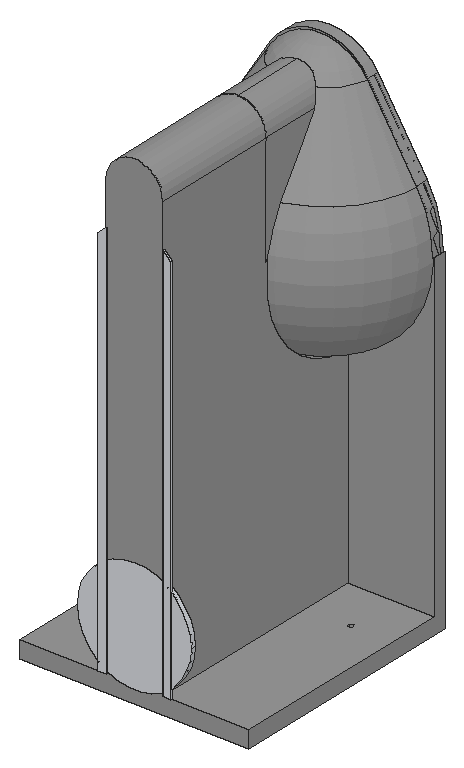
Revit family "Toilet-Willoughby-ASETF-1490-FM-FA-TS", category Plumbing Fixtures, Revit 2015
Parameters (values of type "Standard")
  Waste DIA = 2 3/8"
  Waste Connection = yes
  W-RAD [instance] = Waste DIA / 2  # 0' - 1 3/16"
  Vent Connection = no
  URL = "https://www.willoughby-ind.com/wp-content/uploads/2018/01/ASETF-1490-FM-FA.pdf"
  Type Comments = ""
  Revision = "A"
  Model = "ASETW-1490-FM-FA-10-TS"
  Manufacturer = "Willoughby Industries"
  HW Connection = no
  Flush inlet DIA = 1 1/2"
  Flush Inlet Connection = yes
  Fixture Body = Stainless Steel AISI 304-Willoughby
  F-RAD [instance] = Flush inlet DIA / 2  # 0' - 0 3/4"
  Description = "1490 Front Access, Ligature-Resistant, Floor Outlet and Mounted, Siphon Jet, 10\" Rough In"
  Default Elevation = 0' - 0"
  Contact Number = "(800) 428-4065"
  CW Connection = no
Reference planes (in)
  plane 1 "Base": y = -16.25
  plane 2: z = 0
  plane 3 "Center": x = 18.31072
  plane 4 "Waste height": y = -4.75
  plane 5 "Seat HGT": y = -1.25
  plane 6: y = -2.125
  plane 7: x = 16.56072
  plane 8: x = 20.06072
  plane 9: x = 13.81072
  plane 10: x = 22.81072
  plane 11: z = 2.70924
  plane 12: z = -3
  plane 13: z = 25
Forms (in)
  Extrusion 1, solid, material "Stainless Steel AISI 304-Willoughby" <- "Fixture Body"
    sketch origin (16.08109, 7.47968, -2.1422) x (-1, 0, 0) y (0, 0, -1)
      loop
        line (4.79769, -22.8922) -> (4.83287, -22.8922) -> (4.83287, -3.1422) -> (-9.29213, -3.1422) -> (-9.29213, -22.8922) -> (-9.20219, -22.8922)
        arc (-9.20219, -22.8922) -> (-8.94577, -24.74051) -> (-8.21015, -26.45542) r 7
        line (-8.21015, -26.45542) -> (-5.16818, -31.31054)
        arc (-5.16818, -31.31054) -> (-2.20225, -32.95225) -> (0.76368, -31.31054) r 3.5
        line (0.76368, -31.31054) -> (3.80565, -26.45542)
        arc (3.80565, -26.45542) -> (4.54128, -24.74051) -> (4.79769, -22.8922) r 7
      loop
        arc (2.03989, -24.70557) -> (-2.20225, -18.23804) -> (-6.44438, -24.70557) r 4.625
        line (-6.44438, -24.70557) -> (-4.04125, -30.23842)
        arc (-4.04125, -30.23842) -> (-2.20225, -31.45225) -> (-0.36324, -30.23842) r 2
        line (-0.36324, -30.23842) -> (2.03989, -24.70557)
    from 8.72968 to 9.5
  Revolve 2, solid, material "Stainless Steel AISI 304-Willoughby" <- "Fixture Body"
    sketch origin (19.37981, -1.52032, 1.06635) x (-1, 0, 0) y (0, 0, -1)
      loop
        line (1.06174, -12.59906) -> (1.06174, -12.84906)
        arc (1.06174, -12.84906) -> (6.96784, -16.33096) -> (6.78077, -23.18447) r 6.75
        line (6.78077, -23.18447) -> (5.22309, -25.66909)
        arc (5.22309, -25.66909) -> (3.40303, -27.84141) -> (1.06174, -29.43826) r 10.34445
        line (1.06174, -29.43826) -> (1.06174, -29.68826)
        arc (1.06174, -29.68826) -> (2.75672, -29.25045) -> (4.02767, -28.04656) r 3.5
        line (4.02767, -28.04656) -> (7.06964, -23.19143)
        arc (7.06964, -23.19143) -> (7.15052, -16.14555) -> (1.06174, -12.59906) r 7
      axis (1.06174, -12.59906) -> (1.06174, -29.68826)
    angle from 0 to -180
  Extrusion 3, solid, material "Stainless Steel AISI 304-Willoughby" <- "Fixture Body"
    sketch origin (19.53334, -3.02032, 0.0492) x (0, 1, 0) y (0, 0, 1)
      loop
        line (-5.27082, 0.80109) -> (1, 0.80109) -> (1, 13.80524)
        arc (1, 13.80524) -> (-3.15813, 15.45207) -> (-5.27082, 19.39398) r 6.50625
        line (-5.27082, 19.39398) -> (-5.27082, 0.80109)
    from 0.52738 to -2.97262
  Extrusion 4, solid, material "Stainless Steel AISI 304-Willoughby" <- "Fixture Body"
    sketch origin (0, 1.11185, 0) x (1, 0, 0) y (0, 0, 1)
      loop
        circle (18.31072, 2.70924) r 0.75
    from 2.36185 to 1.42435
  Extrusion 5, solid, material "Stainless Steel AISI 304-Willoughby" <- "Fixture Body"
    sketch origin (0, -16.25, 0) x (1, 0, 0) y (0, 0, 1)
      loop
        line (25.37322, 0) -> (25.37322, 1) -> (11.2834, 1) -> (11.2834, 0) -> (25.37322, 0)
    from -15 to 0
  Extrusion 6, solid, material "Stainless Steel AISI 304-Willoughby" <- "Fixture Body"
    sketch origin (0, -16.25, 5) x (1, 0, 0) y (0, 0, 1)
      loop
        line (20.06072, -4) -> (20.06072, 23.23467)
        arc (20.06072, 23.23467) -> (18.31072, 24.98467) -> (16.56072, 23.23467) r 1.75
        line (16.56072, 23.23467) -> (16.56072, -4) -> (20.06072, -4)
    from 0 to -7.95886
  Extrusion 7, solid, material "Stainless Steel AISI 304-Willoughby" <- "Fixture Body"
    sketch origin (18.31072, 0, 5) x (0, 1, 0) y (0, 0, 1)
      loop
        line (-8.30956, 24.98711) -> (-8.30956, 16.43945)
        arc (-8.30956, 16.43945) -> (-7.89398, 17.78452) -> (-7.26296, 19.04298) r 8.53534
        arc (-7.26296, 19.04298) -> (-5.96181, 21.12816) -> (-4.62752, 23.19229) r 153.87584
        arc (-4.62752, 23.19229) -> (-4.20813, 24.22574) -> (-3.39314, 24.98711) r 2.59068
        line (-3.39314, 24.98711) -> (-8.30956, 24.98711)
    from -1.75 to 1.75
  Extrusion 8, void
    sketch origin (0, -16.25, 5) x (1, 0, 0) y (0, 0, 1)
      loop
        arc (18.32244, 24.98711) -> (19.55159, 24.47797) -> (20.06072, 23.24882) r 1.73828
        line (20.06072, 23.24882) -> (20.06072, 24.98711) -> (18.32244, 24.98711)
    from -13.39931 to -7.72232
  Extrusion 9, void
    sketch origin (0, -16.25, 5) x (1, 0, 0) y (0, 0, 1)
      loop
        line (16.56072, 24.98711) -> (16.56072, 23.38793)
        arc (16.56072, 23.38793) -> (17.12541, 24.5271) -> (18.31072, 24.98711) r 1.75711
        line (18.31072, 24.98711) -> (16.56072, 24.98711)
    from -12.85686 to -7.94044
  Extrusion 10, solid
    sketch origin (0, -16.25, 5) x (1, 0, 0) y (0, 0, 1)
      loop
        line (20.06072, -4) -> (20.56072, -4) -> (20.56072, 20.125) -> (20.06072, 20.625) -> (20.06072, -4)
      loop
        line (16.58416, -4) -> (16.58416, 20.625) -> (16.08416, 20.125) -> (16.08416, -4) -> (16.58416, -4)
    from 0 to -0.0625
  Extrusion 11, solid
    sketch origin (0, -16.25, 0) x (1, 0, 0) y (0, 0, 1)
      loop
        circle (18.32831, 4.25) r 3.5
    from 0 to -0.25
  Extrusion 12, void
    sketch origin (0, 0, 0) x (1, 0, 0) y (0, 1, 0)
      loop
        circle (22.82831, -5.25) r 0.15625
      loop
        circle (13.82831, -5.25) r 0.15625
    from -0.25 to 1
Cuts and joins
  Extrusion 12 cuts Extrusion 1
  Extrusion 12 cuts Extrusion 3
  Extrusion 12 cuts Extrusion 5
  Extrusion 12 cuts Extrusion 6
  joined: Extrusion 1, Extrusion 3, Extrusion 5, Extrusion 6
  Extrusion 8, Extrusion 9 cuts Extrusion 7
Lines and regions (in)
  symbolic lines
    curve 1: line (11.28334, -2.02032, 0) -> (11.28334, -1.25, 0)
    curve 2: line (11.28334, -1.25, 0) -> (25.28334, -1.25, 0)
    curve 3: line (25.28334, -1.25, 0) -> (25.28334, -2.02032, 0)
    curve 4: arc (25.28334, -2.02032, 0) -> (23.0776, -6.6446, 0) -> (18.31072, -8.52239, 0) r 6.98983
    curve 5: arc (18.31072, -8.52239, 0) -> (13.52369, -6.64758, 0) -> (11.28334, -2.02032, 0) r 7.04842
    curve 6: line (22.81072, -6.88104, 0) -> (22.81072, -16.25, 0)
    curve 7: line (22.81072, -16.25, 0) -> (13.81072, -16.25, 0)
    curve 8: line (13.81072, -16.25, 0) -> (13.81072, -6.89908, 0)
    curve 9: line (16.56072, -8.30173, 0) -> (16.56072, -16.25, 0)
    curve 10: line (20.06072, -8.29974, 0) -> (20.06072, -16.25, 0)
    curve 11: line (14.78334, -16.25, 9.65867) -> (14.78334, -16.25, 1)
    curve 12: line (14.78334, -16.25, 1) -> (13.81072, -16.25, 1)
    curve 13: line (13.81072, -16.25, 1) -> (13.81072, -16.25, 0)
    curve 14: line (13.81072, -16.25, 0) -> (22.81072, -16.25, 0)
    curve 15: line (22.81072, -16.25, 0) -> (22.81072, -16.25, 1)
    curve 16: line (22.81072, -16.25, 1) -> (21.81072, -16.25, 1)
    curve 17: line (21.81072, -16.25, 1) -> (21.81072, -16.25, 9.67456)
    curve 18: arc (21.81072, -16.25, 9.67456) -> (25.08799, -16.25, 13.93608) -> (24.32597, -16.25, 19.25778) r 6.9206
    curve 19: line (24.32597, -16.25, 19.25778) -> (21.24927, -16.25, 24.16835)
    curve 20: arc (21.24927, -16.25, 24.16835) -> (19.97832, -16.25, 25.37224) -> (18.28334, -16.25, 25.81005) r 3.5
    curve 21: arc (18.28334, -16.25, 25.81005) -> (16.58835, -16.25, 25.37224) -> (15.31741, -16.25, 24.16835) r 3.5
    curve 22: line (15.31741, -16.25, 24.16835) -> (12.35249, -16.25, 19.43905)
    curve 23: arc (12.35249, -16.25, 19.43905) -> (11.49002, -16.25, 14.03241) -> (14.78334, -16.25, 9.65867) r 7
    curve 29: line (18.31072, -8.4296, 16.67525) -> (18.31072, -16.25, 16.67525)
    curve 30: line (18.31072, -16.25, 16.67525) -> (18.31072, -16.25, 0)
    curve 31: line (18.31072, -16.25, 0) -> (18.31072, -1.25, 0)
    curve 32: line (18.31072, -1.25, 0) -> (18.31072, -1.25, 25.81005)
    curve 33: line (18.31072, -1.25, 25.81005) -> (18.31072, -2.02032, 25.81005)
    curve 34: arc (18.31072, -2.02032, 25.81005) -> (18.31072, -3.29152, 25.30605) -> (18.31072, -4.30177, 24.38445) r 3.79748
    curve 35: line (18.31072, -4.30177, 24.38445) -> (18.31072, -7.52822, 19.25778)
    curve 36: arc (18.31072, -7.52822, 19.25778) -> (18.31072, -8.12539, 18.01764) -> (18.31072, -8.4296, 16.67525) r 6.10578
    curve 37: arc (18.31072, -8.4296, 16.67525) -> (18.31072, -8.31403, 15.24489) -> (18.31072, -8.29114, 13.81005) r 22.19593
    curve 38: arc (18.31072, -8.29114, 13.81005) -> (18.31072, -5.95289, 10.31029) -> (18.31072, -2.02032, 8.81005) r 6.92744
    curve 39: line (18.31072, -1.25, 9.65867) -> (18.31072, -2.02032, 9.65867)
    curve 40: line (18.31072, -2.02032, 9.65867) -> (18.31072, -2.02032, 1)
    curve 41: line (18.31072, -2.02032, 1) -> (18.31072, -16.25, 1)
    curve 42: line (20.06072, -8.29974, 0) -> (20.06072, -4.61725, 0)
    curve 43: arc (20.06072, -4.61725, 0) -> (19.34995, -3.84312, 0) -> (18.31072, -3.68676, 0) r 1.57857
    curve 44: arc (18.31072, -3.68676, 0) -> (17.30223, -3.87691, 0) -> (16.56072, -4.5864, 0) r 1.8036
    curve 45: line (16.56072, -4.5864, 0) -> (16.56072, -8.30173, 0)
    curve 46: line (18.31072, -8.30956, 24.98711) -> (18.31072, -3.72908, 24.98711)
  symbolic lines, detail levels fine
    curve 24: arc (14.0412, -16.25, 17.56337) -> (18.28334, -16.25, 11.09585) -> (22.52547, -16.25, 17.56337) r 4.625
    curve 25: line (22.52547, -16.25, 17.56337) -> (20.12234, -16.25, 23.09622)
    curve 26: arc (20.12234, -16.25, 23.09622) -> (19.38317, -16.25, 23.97635) -> (18.28334, -16.25, 24.31005) r 2.01767
    curve 27: arc (18.28334, -16.25, 24.31005) -> (17.17969, -16.25, 23.98213) -> (16.44433, -16.25, 23.09622) r 1.9827
    curve 28: line (16.44433, -16.25, 23.09622) -> (14.0412, -16.25, 17.56337)
Dimensions and locks (in)
  locked: plane 1 "Base" to plane 4 "Waste height" at 11.5
  locked: plane 1 "Base" to plane 5 "Seat HGT" at 15
  plane 9 to plane 3 "Center" = 0' - 4 1/2"
  plane 9 to plane 10 = 0' - 9"
  plane 13 to level = 2' - 1"
  "F-RAD": radius of Extrusion 4 sketch curve
  aligned and locked: plane 3 "Center" to Extrusion 4 sketch curve
  aligned and locked: plane 11 to Extrusion 4 sketch curve
  aligned and locked: Extrusion 1 to Revolve 2
  aligned and locked: cut or joined group of Extrusion 1, Extrusion 3, Extrusion 5, Extrusion 6, Extrusion 12 to Extrusion 1
  aligned and locked: Extrusion 9 to Extrusion 7
Automatic sketch dimensions
  curve 20 to curve 21 = 0' - 0"  (x2)
  curve 23 to curve 24 = 0' - 0"  (x2)
  curve 14 to level = 0' - 0"
  curve 14 to plane 9 = 0' - 0"
  curve 15 to plane 10 = 0' - 0"
  curve 22 to plane 9 = 0' - 1.45823"
  plane 9 to curve 28 = 0' - 0 59/256"
  curve 12 to curve 11 = 0' - 0.97262"
  curve 22 to plane 7 = 0' - 1.24331"
  curve 28 to plane 7 = 0' - 0.11639"
  curve 26 to plane 3 "Center" = 0' - 0.03902"
  curve 26 to curve 27 = 0' - 0.0002"
  curve 24 to plane 3 "Center" = 0' - 0.02738"
  curve 27 to curve 21 = 0' - 0.01144"
  plane 3 "Center" to curve 18 = 0' - 0.08339"
  plane 8 to curve 25 = 0' - 0.06162"
  curve 19 to plane 13 = 0' - 0.83165"
  plane 8 to curve 19 = 0' - 1.18855"
  curve 17 to plane 10 = 0' - 1"
  curve 25 to plane 10 = 0' - 0.28525"
  plane 10 to curve 19 = 0' - 1.51526"
  level to curve 12 = 0' - 1"
  level to curve 16 = 0' - 1"
  plane 11 to curve 11 = 0' - 6.94943"
  plane 11 to curve 17 = 0' - 6.96532"
  curve 17 to curve 18 = 0' - 6.01843"
  curve 18 to curve 24 = 0' - 0.02786"
  curve 25 to curve 18 = 0' - 1.6944"
  curve 26 to plane 13 = 0' - 2.70758"
  curve 26 to curve 20 = 0' - 0.01763"
  curve 20 to curve 27 = 0' - 0.01733"
  curve 28 to curve 22 = 0' - 1.07212"
  curve 25 to curve 19 = 0' - 1.07212"
  level to Extrusion 3 sketch curve = 0' - 0.85029"
  plane 4 "Waste height" to Extrusion 3 sketch curve = 0' - 3.54114"
  plane 6 to Extrusion 3 sketch curve = 0' - 0.10468"
  plane 6 to Extrusion 3 sketch curve = 0' - 0.27542"
  plane 11 to Extrusion 3 sketch curve = 0' - 11.1452"
  Extrusion 3 sketch curve to Extrusion 3 sketch curve = 0' - 5.58874"
  Extrusion 5 sketch curve to level = 0' - 0"
  Extrusion 5 sketch curve to plane 9 = 0' - 2.52732"
  plane 10 to Extrusion 5 sketch curve = 0' - 2 9/16"
  level to Extrusion 5 sketch curve = 0' - 1"
  level to Extrusion 6 sketch curve = 0' - 1"
  Extrusion 6 sketch curve to plane 7 = 0' - 0"
  Extrusion 6 sketch curve to plane 3 "Center" = 0' - 0"
  plane 13 to Extrusion 6 sketch curve = 0' - 3.23467"
  plane 13 to Extrusion 7 sketch curve = 0' - 4.98711"
  plane 4 "Waste height" to Extrusion 7 sketch curve = 0' - 3.55956"
  Extrusion 7 sketch curve to plane 6 = 0' - 1.26814"
  plane 6 to Extrusion 7 sketch curve = 0' - 0.05145"
  Extrusion 7 sketch curve to plane 5 "Seat HGT" = 0' - 1.27544"
  Extrusion 7 sketch curve to plane 12 = 4' - 5.37203"
  Extrusion 7 sketch curve to plane 5 "Seat HGT" = 10' - 5.1785"
  Extrusion 7 sketch curve to plane 13 = 0' - 5.39901"
  Extrusion 7 sketch curve to Extrusion 7 sketch curve = 0' - 8.54766"
  plane 13 to Extrusion 7 sketch curve = 0' - 2.75769"
  plane 4 "Waste height" to Extrusion 7 sketch curve = 0' - 2.51296"
  Extrusion 8 sketch curve to plane 8 = 0' - 0"
  plane 3 "Center" to Extrusion 8 sketch curve = 0' - 0 3/256"
  plane 13 to Extrusion 8 sketch curve = 0' - 3.24882"
  Revolve 2 sketch curve to Revolve 2 sketch curve = 0' - 0"  (x2)
  plane 10 to Revolve 2 sketch curve = 0' - 0.11048"
  plane 3 "Center" to Revolve 2 sketch curve = 0' - 0.00736"  (x3)
  plane 13 to Revolve 2 sketch curve = 0' - 4.11291"
  Revolve 2 sketch curve to plane 7 = 0' - 1.20857"
  plane 9 to Revolve 2 sketch curve = 0' - 0.346"
  Revolve 2 sketch curve to plane 9 = 0' - 1.21168"
  Revolve 2 sketch curve to Revolve 2 sketch curve = 0' - 0.28887"
  plane 13 to Revolve 2 sketch curve = 0' - 5.50461"
  Revolve 2 sketch curve to Revolve 2 sketch curve = 0' - 0 1/4"
  Revolve 2 sketch curve to Revolve 2 sketch curve = 0' - 2.37746"
  Revolve 2 sketch curve to Revolve 2 sketch curve = 0' - 2.47766"
  Revolve 2 sketch curve to Revolve 2 sketch curve = 0' - 0.00696"
  Revolve 2 sketch curve to Revolve 2 sketch curve = 0' - 0.57536"
  Revolve 2 sketch curve to Revolve 2 sketch curve = 0' - 3 1/4"
  Revolve 2 sketch curve to Revolve 2 sketch curve = 0' - 2.4108"
  Extrusion 9 sketch curve to plane 7 = 0' - 0"
  Extrusion 9 sketch curve to plane 3 "Center" = 0' - 0"
  plane 13 to Extrusion 9 sketch curve = 0' - 4.98711"
  Extrusion 9 sketch curve to Extrusion 9 sketch curve = 0' - 1.59918"
  plane 5 "Seat HGT" to curve 1 = 0' - 0"
  plane 1 "Base" to curve 7 = 0' - 0"
  curve 7 to plane 9 = 0' - 0"
  curve 9 to plane 7 = 0' - 0"
  curve 4 to plane 3 "Center" = 0' - 0"
  curve 44 to plane 3 "Center" = 0' - 0"
  curve 10 to plane 8 = 0' - 0"
  curve 43 to plane 8 = 0' - 0"
  curve 6 to plane 10 = 0' - 0"
  curve 5 to plane 3 "Center" = 0' - 0"
  plane 6 to curve 1 = 0' - 0.10468"
  curve 1 to plane 9 = 0' - 2.52738"
  curve 44 to plane 3 "Center" = 0' - 0.18388"
  curve 5 to plane 3 "Center" = 0' - 0.00017"
  plane 3 "Center" to curve 43 = 0' - 0.29814"
  plane 10 to curve 3 = 0' - 2.47262"
  plane 4 "Waste height" to curve 44 = 0' - 0.73096"
  plane 4 "Waste height" to curve 43 = 0' - 0.48692"
  curve 42 to plane 4 "Waste height" = 0' - 0.13275"
  plane 6 to curve 3 = 0' - 0.10468"
  plane 5 "Seat HGT" to curve 4 = 0' - 0.28257"
  curve 45 to curve 9 = 0' - 0"
  curve 30 to plane 1 "Base" = 0' - 0"
  curve 33 to plane 5 "Seat HGT" = 0' - 0"
  curve 32 to level = 0' - 0"
  plane 1 "Base" to curve 37 = 1' - 2.23409"
  plane 4 "Waste height" to curve 29 = 0' - 3.6796"
  curve 36 to curve 35 = 0' - 0.90137"
  curve 35 to plane 4 "Waste height" = 0' - 0.44823"
  curve 36 to plane 6 = 0' - 0.23566"
  plane 6 to curve 33 = 0' - 0.10468"
  plane 6 to curve 40 = 0' - 0.10468"
  plane 5 "Seat HGT" to curve 38 = 0' - 0.38413"
  plane 5 "Seat HGT" to curve 34 = 0' - 0.02916"
  level to curve 40 = 0' - 1"
  plane 11 to curve 39 = 0' - 6.94943"
  curve 37 to plane 13 = 0' - 10.82646"
  curve 39 to curve 38 = 0' - 6.06805"
  curve 38 to curve 36 = 0' - 0.27887"
  curve 29 to plane 13 = 0' - 8.32475"
  curve 35 to plane 13 = 0' - 0.61555"
  curve 46 to plane 13 = 0' - 0.01289"
  plane 4 "Waste height" to curve 46 = 0' - 3.55956"
  curve 37 to curve 38 = 0' - 0.13846"
  curve 34 to curve 46 = 0' - 0.57268"
  Extrusion 1 sketch curve to Extrusion 1 sketch curve = 0' - 0"  (x6)
  level to Extrusion 1 sketch curve = 0' - 1"
  plane 10 to Extrusion 1 sketch curve = 0' - 2 9/16"
  Extrusion 1 sketch curve to Extrusion 1 sketch curve = 0' - 0.08994"
  plane 10 to Extrusion 1 sketch curve = 0' - 1.48052"
  Extrusion 1 sketch curve to plane 10 = 0' - 0.28525"
  plane 8 to Extrusion 1 sketch curve = 0' - 1.18855"
  plane 8 to Extrusion 1 sketch curve = 0' - 0.06162"
  Extrusion 1 sketch curve to plane 3 "Center" = 0' - 0.02738"  (x2)
  Extrusion 1 sketch curve to plane 7 = 0' - 0.11639"
  plane 13 to Extrusion 1 sketch curve = 0' - 4.16835"
  Extrusion 1 sketch curve to plane 7 = 0' - 1.24331"
  plane 9 to Extrusion 1 sketch curve = 0' - 0 59/256"
  Extrusion 1 sketch curve to plane 9 = 0' - 1.53528"
  Extrusion 1 sketch curve to plane 9 = 0' - 2.52732"
  Extrusion 1 sketch curve to Extrusion 1 sketch curve = 0' - 0.03518"
  Extrusion 1 sketch curve to Extrusion 1 sketch curve = 0' - 1.07212"
  Extrusion 1 sketch curve to Extrusion 1 sketch curve = 0' - 0.78617"
  Extrusion 1 sketch curve to Extrusion 1 sketch curve = 0' - 3.783"  (x2)
  Extrusion 1 sketch curve to Extrusion 1 sketch curve = 0' - 1.74985"
  Extrusion 1 sketch curve to Extrusion 1 sketch curve = 0' - 1.81337"
  Extrusion 10 sketch curve to plane 8 = 0' - 0"
  plane 7 to Extrusion 10 sketch curve = 0' - 0 3/128"
  Extrusion 10 sketch curve to plane 7 = 0' - 0 61/128"
  plane 8 to Extrusion 10 sketch curve = 0' - 0 1/2"
  level to Extrusion 10 sketch curve = 0' - 1"  (x2)
  plane 13 to Extrusion 10 sketch curve = 0' - 0 1/8"
  Extrusion 10 sketch curve to Extrusion 10 sketch curve = 0' - 0"
  Extrusion 10 sketch curve to Extrusion 10 sketch curve = 0' - 0 1/2"  (x2)
  plane 9 to Extrusion 12 sketch curve = 0' - 0.01759"
  plane 10 to Extrusion 12 sketch curve = 0' - 0.01759"
  plane 4 "Waste height" to Extrusion 12 sketch curve = 0' - 0 1/2"  (x2)
  plane 3 "Center" to Extrusion 11 sketch curve = 0' - 0.01759"
  plane 11 to Extrusion 11 sketch curve = 0' - 1.54076"
  radius of Extrusion 12 sketch curve = 0' - 0 5/32"  (x2)
  radius of Extrusion 11 sketch curve = 0' - 3 1/2"
Connectors (in)
  piping at (18.31072, -0.3125, 2.70924), diameter 1.5, driven by "F-RAD", driven by "Flush Inlet Connection"
    settings: on Extrusion 4, index 2, connector inside diameter 1 1/2", connector length 0' - 0", flow factor 0, pipe flow 1.6 GPM, pressure drop 0.00 psi, fitting loss kfactor 0, connector angle 0.00°, fixture units 0, engagement length 0' - 0", angle of deflection 0.00°, flow configuration 0, flow direction 1, fitting loss method 0, system type 20, joint type 0, gender type 0, connector reference index -1, connector utility 1, adjustable connector no, is connector primary yes, connector description "Flush Inlet"
  piping at (18.32831, -16.25, 4.25), diameter 2.5
    settings: on Extrusion 11, index 3, connector inside diameter 24", connector length 0' - 0", flow factor 0, pipe flow 0 GPM, pressure drop 0.00 psi, fitting loss kfactor 0, connector angle 0.00°, fixture units 0, engagement length 0' - 0", angle of deflection 0.00°, flow configuration 0, flow direction 0, fitting loss method 0, system type 7, joint type 0, gender type 0, connector reference index -1, connector utility 0, adjustable connector no, is connector primary no, connector description ""
